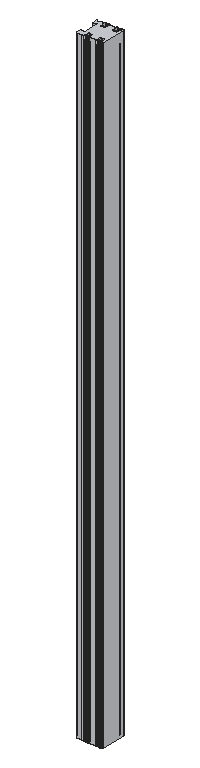
Revit family "SA-8-125-75", category Generic Models, Revit 2012
Reference planes
  plane 1 "Center (Front/Back)": y = 0
  plane 2: z = 0
  plane 3 "Center (Left/Right)": x = 0
Forms (mm)
  Extrusion 1, solid
    sketch origin (-39.467, -474.439, 0) x (1, 0, 0) y (0, 1, 0)
      loop
        arc (93.301, 498.1) -> (92.649, 497.08) -> (91.536, 496.602) r 2.06
        line (91.536, 496.602) -> (80.349, 496.602)
        arc (80.349, 496.602) -> (79.237, 497.08) -> (78.584, 498.1) r 2.06
        line (78.584, 498.1) -> (76.92, 482.268)
        arc (76.92, 482.268) -> (75.162, 480.925) -> (76.603, 479.245) r 1.522
        line (76.603, 479.245) -> (76.047, 473.958) -> (74.051, 473.958) -> (74.051, 472.458) -> (77.551, 472.458) -> (83.568, 476.717)
        arc (83.568, 476.717) -> (83.647, 477.064) -> (83.305, 477.162) r 0.259
        line (83.305, 477.162) -> (77.738, 474.291) -> (79.861, 495.158) -> (92.024, 495.158) -> (94.148, 474.291) -> (88.58, 477.162)
        arc (88.58, 477.162) -> (88.239, 477.064) -> (88.317, 476.717) r 0.259
        line (88.317, 476.717) -> (94.334, 472.458) -> (97.834, 472.458) -> (97.834, 473.958) -> (95.838, 473.958) -> (95.283, 479.245)
        arc (95.283, 479.245) -> (96.723, 480.925) -> (94.965, 482.268) r 1.522
        line (94.965, 482.268) -> (93.301, 498.1)
      loop
        line (93.301, 572.778) -> (94.965, 588.61)
        arc (94.965, 588.61) -> (96.723, 589.953) -> (95.283, 591.633) r 1.522
        line (95.283, 591.633) -> (95.838, 596.92) -> (97.834, 596.92) -> (97.834, 598.42) -> (94.334, 598.42) -> (88.317, 594.161)
        arc (88.317, 594.161) -> (88.239, 593.815) -> (88.58, 593.717) r 0.259
        line (88.58, 593.717) -> (94.148, 596.587) -> (92.024, 575.721) -> (79.861, 575.721) -> (77.738, 596.587) -> (83.305, 593.717)
        arc (83.305, 593.717) -> (83.647, 593.815) -> (83.568, 594.161) r 0.259
        line (83.568, 594.161) -> (77.551, 598.42) -> (74.051, 598.42) -> (74.051, 596.92) -> (76.047, 596.92) -> (76.603, 591.633)
        arc (76.603, 591.633) -> (75.162, 589.953) -> (76.92, 588.61) r 1.522
        line (76.92, 588.61) -> (78.584, 572.778)
        arc (78.584, 572.778) -> (79.237, 573.799) -> (80.349, 574.276) r 2.06
        line (80.349, 574.276) -> (91.536, 574.276)
        arc (91.536, 574.276) -> (92.649, 573.799) -> (93.301, 572.778) r 2.06
      loop
        line (135.584, 498.1) -> (133.92, 482.268)
        arc (133.92, 482.268) -> (132.162, 480.925) -> (133.603, 479.245) r 1.522
        line (133.603, 479.245) -> (133.047, 473.958) -> (131.051, 473.958) -> (131.051, 472.458) -> (134.551, 472.458) -> (140.568, 476.717)
        arc (140.568, 476.717) -> (140.647, 477.064) -> (140.305, 477.162) r 0.259
        line (140.305, 477.162) -> (134.738, 474.291) -> (136.861, 495.158) -> (149.024, 495.158) -> (151.148, 474.291) -> (145.58, 477.162)
        arc (145.58, 477.162) -> (145.239, 477.064) -> (145.317, 476.717) r 0.259
        line (145.317, 476.717) -> (151.334, 472.458) -> (154.834, 472.458) -> (154.834, 473.958) -> (152.838, 473.958) -> (152.283, 479.245)
        arc (152.283, 479.245) -> (153.723, 480.925) -> (151.965, 482.268) r 1.522
        line (151.965, 482.268) -> (150.301, 498.1)
        arc (150.301, 498.1) -> (149.649, 497.08) -> (148.536, 496.602) r 2.06
        line (148.536, 496.602) -> (137.349, 496.602)
        arc (137.349, 496.602) -> (136.237, 497.08) -> (135.584, 498.1) r 2.06
      loop
        arc (135.584, 572.778) -> (136.237, 573.799) -> (137.349, 574.276) r 2.06
        line (137.349, 574.276) -> (148.536, 574.276)
        arc (148.536, 574.276) -> (149.649, 573.799) -> (150.301, 572.778) r 2.06
        line (150.301, 572.778) -> (151.965, 588.61)
        arc (151.965, 588.61) -> (153.723, 589.953) -> (152.283, 591.633) r 1.522
        line (152.283, 591.633) -> (152.838, 596.92) -> (154.834, 596.92) -> (154.834, 598.42) -> (151.334, 598.42) -> (145.317, 594.161)
        arc (145.317, 594.161) -> (145.239, 593.815) -> (145.58, 593.717) r 0.259
        line (145.58, 593.717) -> (151.148, 596.587) -> (149.024, 575.721) -> (136.861, 575.721) -> (134.738, 596.587) -> (140.305, 593.717)
        arc (140.305, 593.717) -> (140.647, 593.815) -> (140.568, 594.161) r 0.259
        line (140.568, 594.161) -> (134.551, 598.42) -> (131.051, 598.42) -> (131.051, 596.92) -> (133.047, 596.92) -> (133.603, 591.633)
        arc (133.603, 591.633) -> (132.162, 589.953) -> (133.92, 588.61) r 1.522
        line (133.92, 588.61) -> (135.584, 572.778)
    from 0 to 3000
  Extrusion 2, solid
    sketch origin (-39.623, 217.12, 0) x (1, 0, 0) y (0, 1, 0)
      loop
        line (58.623, -191.601) -> (41.104, -191.601)
        arc (41.104, -191.601) -> (40.056, -192.047) -> (39.623, -193.1) r 1.5
        line (39.623, -193.1) -> (39.623, -212.658)
        arc (39.623, -212.658) -> (40.056, -213.682) -> (41.087, -214.1) r 1.452
        line (41.087, -214.1) -> (64.623, -217.12) -> (74.639, -217.12)
        arc (74.639, -217.12) -> (75.655, -216.724) -> (76.134, -215.744) r 1.5
        line (76.134, -215.744) -> (76.378, -212.794)
        arc (76.378, -212.794) -> (74.915, -210.716) -> (76.7, -208.908) r 1.981
        line (76.7, -208.908) -> (77.896, -194.462)
        arc (77.896, -194.462) -> (78.375, -193.483) -> (79.391, -193.086) r 1.5
        line (79.391, -193.086) -> (92.856, -193.086)
        arc (92.856, -193.086) -> (93.872, -193.483) -> (94.351, -194.462) r 1.5
        line (94.351, -194.462) -> (95.547, -208.908)
        arc (95.547, -208.908) -> (97.332, -210.716) -> (95.869, -212.794) r 1.981
        line (95.869, -212.794) -> (96.113, -215.744)
        arc (96.113, -215.744) -> (96.592, -216.724) -> (97.608, -217.12) r 1.5
        line (97.608, -217.12) -> (131.639, -217.12)
        arc (131.639, -217.12) -> (132.655, -216.724) -> (133.134, -215.744) r 1.5
        line (133.134, -215.744) -> (133.378, -212.794)
        arc (133.378, -212.794) -> (131.915, -210.716) -> (133.7, -208.908) r 1.981
        line (133.7, -208.908) -> (134.896, -194.462)
        arc (134.896, -194.462) -> (135.375, -193.483) -> (136.391, -193.086) r 1.5
        line (136.391, -193.086) -> (149.856, -193.086)
        arc (149.856, -193.086) -> (150.872, -193.483) -> (151.351, -194.462) r 1.5
        line (151.351, -194.462) -> (152.547, -208.908)
        arc (152.547, -208.908) -> (154.332, -210.716) -> (152.869, -212.794) r 1.981
        line (152.869, -212.794) -> (153.113, -215.744)
        arc (153.113, -215.744) -> (153.592, -216.724) -> (154.608, -217.12) r 1.5
        line (154.608, -217.12) -> (165.123, -217.12)
        arc (165.123, -217.12) -> (166.184, -216.681) -> (166.623, -215.62) r 1.5
        line (166.623, -215.62) -> (166.623, -96.62)
        arc (166.623, -96.62) -> (166.184, -95.559) -> (165.123, -95.12) r 1.5
        line (165.123, -95.12) -> (154.608, -95.12)
        arc (154.608, -95.12) -> (153.592, -95.516) -> (153.113, -96.496) r 1.5
        line (153.113, -96.496) -> (152.869, -99.446)
        arc (152.869, -99.446) -> (154.332, -101.524) -> (152.547, -103.332) r 1.981
        line (152.547, -103.332) -> (151.351, -117.778)
        arc (151.351, -117.778) -> (150.872, -118.757) -> (149.856, -119.154) r 1.5
        line (149.856, -119.154) -> (136.391, -119.154)
        arc (136.391, -119.154) -> (135.375, -118.757) -> (134.896, -117.778) r 1.5
        line (134.896, -117.778) -> (133.7, -103.332)
        arc (133.7, -103.332) -> (131.915, -101.524) -> (133.378, -99.446) r 1.981
        line (133.378, -99.446) -> (133.134, -96.496)
        arc (133.134, -96.496) -> (132.655, -95.516) -> (131.639, -95.12) r 1.5
        line (131.639, -95.12) -> (97.608, -95.12)
        arc (97.608, -95.12) -> (96.592, -95.516) -> (96.113, -96.496) r 1.5
        line (96.113, -96.496) -> (95.869, -99.446)
        arc (95.869, -99.446) -> (97.332, -101.524) -> (95.547, -103.332) r 1.981
        line (95.547, -103.332) -> (94.351, -117.778)
        arc (94.351, -117.778) -> (93.872, -118.757) -> (92.856, -119.154) r 1.5
        line (92.856, -119.154) -> (79.391, -119.154)
        arc (79.391, -119.154) -> (78.375, -118.757) -> (77.896, -117.778) r 1.5
        line (77.896, -117.778) -> (76.7, -103.332)
        arc (76.7, -103.332) -> (74.915, -101.524) -> (76.378, -99.446) r 1.981
        line (76.378, -99.446) -> (76.134, -96.496)
        arc (76.134, -96.496) -> (75.655, -95.516) -> (74.639, -95.12) r 1.5
        line (74.639, -95.12) -> (64.623, -95.12) -> (41.104, -98.12)
        arc (41.104, -98.12) -> (40.051, -98.56) -> (39.623, -99.618) r 1.48
        line (39.623, -99.618) -> (39.623, -119.101)
        arc (39.623, -119.101) -> (40.056, -120.154) -> (41.104, -120.601) r 1.5
        line (41.104, -120.601) -> (58.623, -120.601) -> (58.623, -191.601)
    from 0 to 3000
Dimensions and locks
  aligned and locked: level to plane 2
